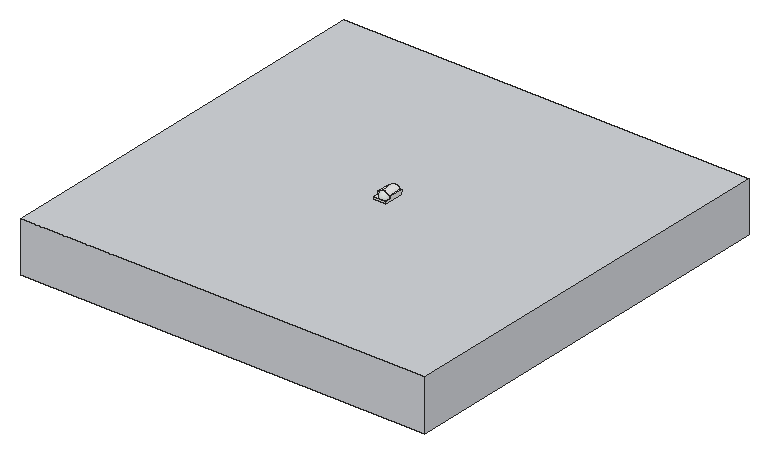
Revit family "Legrand_Gestion_eclairage_Detect_mvt_autonome_140D_Mur_Blister", category Dispositifs d'éclairage, Revit 2020
Family settings
  Hôte = Face
  Conserver l'orientation des annotations = Oui
  Cote de connecteur circulaire = Utiliser le diamètre
  Type d'élément = Normal
  Couper avec des vides une fois chargée = Non
  Partagée = Non
  Point de calcul de pièce = Non
Parameters
  Zone de detection [instance] = no
  URL = "http://www.legrandoc.com/048945"
  Télécommandable = "non"
  Type de tension = "AC"
  Tension nominale (V) = "230"
  Température (MIN) (°C) = -5
  Température (MAX) (°C) = 45
  Sensibilité réglable = "non"
  Sensibilité lumineuse réglable = "oui"
  Sensibilité lumineuse (MIN) (lx) = 10
  Sensibilité lumineuse (MAX) (lx) = 1275
  Réglage de lumière constante = "oui"
  Product ID = "048945"
  Numéro RAL = "9003"
  Mode de montage = "apparent"
  Indication distance [instance] = 8 mm
  Image du type = PH5.jpg
  Hauteur maxi de montage (m) = "2.5"
  Gestion alarme = "non"
  Gestion CVC = "non"
  Fréquence (MIN) (Hz) = 50
  Fréquence (MAX) (Hz) = 60
  Fonction variateur intégrée = "non"
  Fabricant = "LEGRAND"
  Exécution = "détecteur de mouvement"
  Etiquette [instance] = no
  Entrée secondaire = "non"
  Elévation par défaut = 2500 mm
  ETIM-5.0 Class = "EC000133"
  Durée d'enclenchement min (s) = "10"
  Durée d'enclenchement max (mn) = "16"
  Description = "DETECT DE MOUVEMENT PIR 140D MUR SAILLIE IP42 BLISTER"
  Courant de démarrage max (A) = "4.3"
  Coupure forcée = "non"
  Couleur = "blanc"
  Condition Générale d'Utilisation = "https://export.legrand.com/CGU-objets-BIM"
  Code d'assemblage = "D5010200"
  Classe de protection (IP) = "IP42"
  Capacité de coupure max (W) = 1000
  Angle de détection horizontal (MIN) (°) = 0
  Angle de détection horizontal (MAX) (°) = 180
  Adapté pour transmission sans fil = "non"
Reference planes
  plane 1 "Centre (avant/arrière)": y = 0
  plane 2: z = 0
  plane 3 "Centre (gauche/droite)": x = 0
Forms (mm)
  Extrusion 1, solid
    sketch origin (0, 0, 0) x (1, 0, 0) y (0, 1, 0)
      loop
        line (-1219.2, 1219.2) -> (-1219.2, -1219.2) -> (1219.2, -1219.2) -> (1219.2, 1219.2) -> (-1219.2, 1219.2)
    from 0 to -304.8
Dimensions and locks
  aligned and locked: plane 2 to Extrusion 1
  aligned and locked: level to Extrusion 1
Nested families
  nested 1: "048942" at (0, 0, 0), type "048942"
  nested 2: "Zone de detection 8mx8m- plan" at (0, 0, 0) x (0, 0, 1) z (0, -1, 0), visible <- "Zone de detection", type "Zone de detection 8mx8m- plan"
  nested 3: "Symbole D" at (0, 23.5, 0), type "Symbole D"
  nested 4: "Détection 140°" at (0, 218.42, 0), visible <- "Etiquette", Indication distance <- "Indication distance", type "Détection 140°"
    with Indication distance 8 mm
Connectors
  electrical at (0, 21, 0)
    settings: on nested 1, index 1, voltage 230 V, apparent load 0 VA, apparent load phase1 0 VA, apparent load phase2 0 VA, apparent load phase3 0 VA, power factor 1, load classification "Autre", number of poles 1, system type 31, power factor state 1, is connector primary yes, connector utility no, sub classification motor no, connector description ""
Definition of nested family "048942"
  Parameters (values of type "048942")
    built-in parameter 1140140 [instance] = 1 (stored number, unit not read)
    Default Elevation = 0 mm
    built-in parameter 1140142 [instance] = -1
    built-in parameter 1155100 [instance] = -1
  Reference planes
    plane 1 "Centre (avant/arrière)": y = 0
    plane 2: z = 0
    plane 3 "Centre (gauche/droite)": x = 0
  Forms (mm)
    Revolve 1, solid
      sketch origin (0, -33.5, 10) x (1, 0, 0) y (0, 1, 0)
        loop
          arc (-30.39, 33.5) -> (-19.963, 14.957) -> (0, 7.605) r 30.78
          line (0, 7.605) -> (0, 33.5) -> (-30.39, 33.5)
        axis (0, 33.5) -> (0, 7.605)
      angle from -180 to 0
    Extrusion 2, solid
      sketch origin (0, -33.5, 0) x (0, 0, -1) y (0, 1, 0)
        loop
          line (-26.058, 114) -> (-26.058, 33.5) -> (-10, 33.5) -> (-10, 0) -> (0, 0) -> (0, 109) -> (-15.894, 109) -> (-15.894, 114) -> (-26.058, 114)
      from -38.5 to 38.5
    Extrusion 3, solid
      sketch origin (0, -33.5, 0) x (1, 0, 0) y (0, 0, -1)
        loop
          arc (-28.129, -26.058) -> (0, -42.39) -> (28.129, -26.058) r 32.39
          line (28.129, -26.058) -> (-28.129, -26.058)
      from 33.5 to 114
  Cuts and joins
    joined: Extrusion 2, Extrusion 3
  Dimensions and locks
    aligned and locked: level to plane 2
Definition of nested family "Zone de detection 8mx8m- plan"
  Reference planes
    plane 1 "Centre (avant/arrière)": y = 0
    plane 2: z = 0
    plane 3 "Centre (gauche/droite)": x = 0
  Lines and regions (mm)
    detail lines, in view "Niveau de réf."
      curve 1: line (0, 0, 0) -> (721.302, 3710.78, 0)
      curve 2: arc (721.302, 3710.78, 0) -> (2441.116, 3995.524, 0) -> (4177.517, 3841.424, 0) r 6919.682
      curve 3: arc (4177.517, 3841.424, 0) -> (5129.358, 3552.591, 0) -> (6023.197, 3116.154, 0) r 6238.805
      curve 4: arc (7539.88, 1630.18, 0) -> (6874.01, 2467.549, 0) -> (6023.197, 3116.154, 0) r 4331.154
      curve 5: arc (7539.88, 1630.18, 0) -> (7881.502, 846.673, 0) -> (7998.686, 0, 0) r 3133.455
      curve 6: line (0, 0, 0) -> (721.302, -3710.78, 0)
      curve 7: arc (721.302, -3710.78, 0) -> (2441.116, -3995.524, 0) -> (4177.517, -3841.424, 0) r 6919.682
      curve 8: arc (4177.517, -3841.424, 0) -> (5129.358, -3552.591, 0) -> (6023.197, -3116.154, 0) r 6238.805
      curve 9: arc (7539.88, -1630.18, 0) -> (6874.01, -2467.549, 0) -> (6023.197, -3116.154, 0) r 4331.154
      curve 10: arc (7539.88, -1630.18, 0) -> (7881.502, -846.673, 0) -> (7998.686, 0, 0) r 3133.455
Definition of nested family "Symbole D"
  Reference planes
    plane 1: y = 0
    plane 2: x = 0
  Lines and regions (mm)
    detail lines
      curve 1: spline (0.481, 2.356, 0) -> (0.429, 2.16, 0) -> (0.363, 1.989, 0) -> (0.285, 1.851, 0) -> (0.199, 1.748, 0) -> (0.106, 1.685, 0) -> (0.01, 1.664, 0) -> (-0.085, 1.685, 0) -> (-0.178, 1.748, 0) -> (-0.264, 1.851, 0) -> (-0.342, 1.989, 0) -> (-0.408, 2.16, 0) -> (-0.46, 2.356, 0)
      curve 2: arc (0.821, 3.072, 0) -> (-0.004, 3.293, 0) -> (-0.828, 3.072, 0) r 1.643
      curve 3: arc (-0.64, 2.774, 0) -> (0.004, 2.96, 0) -> (0.648, 2.774, 0) r 1.213
      curve 4: arc (-1.023, 3.436, 0) -> (0.005, 3.717, 0) -> (1.032, 3.436, 0) r 2.018
      curve 5: line (-1.042, 0.262, 0) -> (1.042, 0.262, 0)
      curve 6: arc (-0.945, 0.262, 0) -> (0, 1.008, 0) -> (0.945, 0.262, 0) r 0.972
      curve 7: line (-1.042, 0.262, 0) -> (-1.042, 0, 0)
      curve 8: line (-1.042, 0, 0) -> (1.042, 0, 0)
      curve 9: line (1.042, 0, 0) -> (1.042, 0.262, 0)
  Text (mm)
    text "IR" at (0.939, 0.64, 0)
  Dimensions and locks
    aligned and locked: plane 2 to curve 6
    aligned and locked: plane 1 to curve 8
Definition of nested family "Détection 140°"
  Parameters (values of type "Détection 140°")
    Indication distance [instance] = 0 mm
  Reference planes
    plane 1: y = 0
    plane 2: x = 0
  Text (mm)
    label "Détection 140°,Indication distancem frontal à 2,5m haut" at (-0.885, 0.234, 0), shows "Indication distance"
